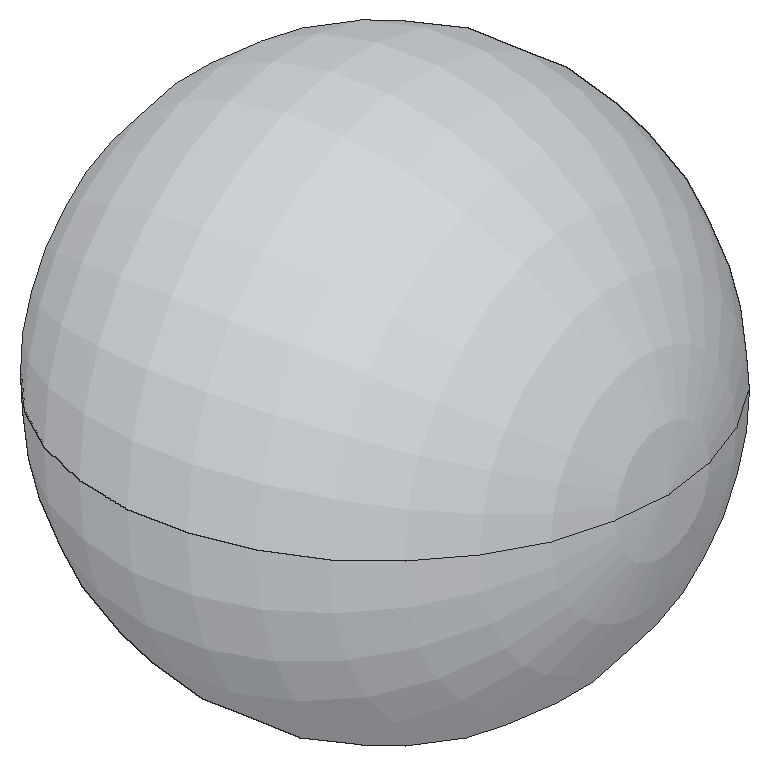
Revit family "Orb", category Generic Models, Revit 2023
Family settings
  Can host rebar = No
  Round Connector Dimension = Use Diameter
  Part Type = Normal
  Work Plane-Based = No
  Always vertical = Yes
  Cut with Voids When Loaded = No
  Maintain Annotation Orientation = No
  Shared = No
  Room Calculation Point = No
Parameters
  Radius = 100 mm
  Default Elevation = 0 mm
Reference planes
  plane 1 "Center (Front/Back)": y = 0
  plane 2: z = 0
  plane 3 "Center (Left/Right)": x = 0
Forms (mm)
  Revolve 1, solid
    sketch origin (0, 0, 0) x (1, 0, 0) y (0, 1, 0)
      loop
        arc (100, 0) -> (0, 100) -> (-100, 0) r 100
        line (-100, 0) -> (100, 0)
      axis (100, 0) -> (-100, 0)
    angle from 0 to 360
Dimensions and locks
  "Radius": radius of Revolve 1 sketch curve
  aligned and locked: level to plane 2
Automatic sketch dimensions
  Revolve 1 sketch curve to plane 1 "Center (Front/Back)" = 0 mm
  plane 1 "Center (Front/Back)" to Revolve 1 sketch curve = 0 mm
  Revolve 1 sketch curve to plane 3 "Center (Left/Right)" = 0 mm
  Revolve 1 sketch curve to Revolve 1 sketch curve = 1980 mm  (x2)
